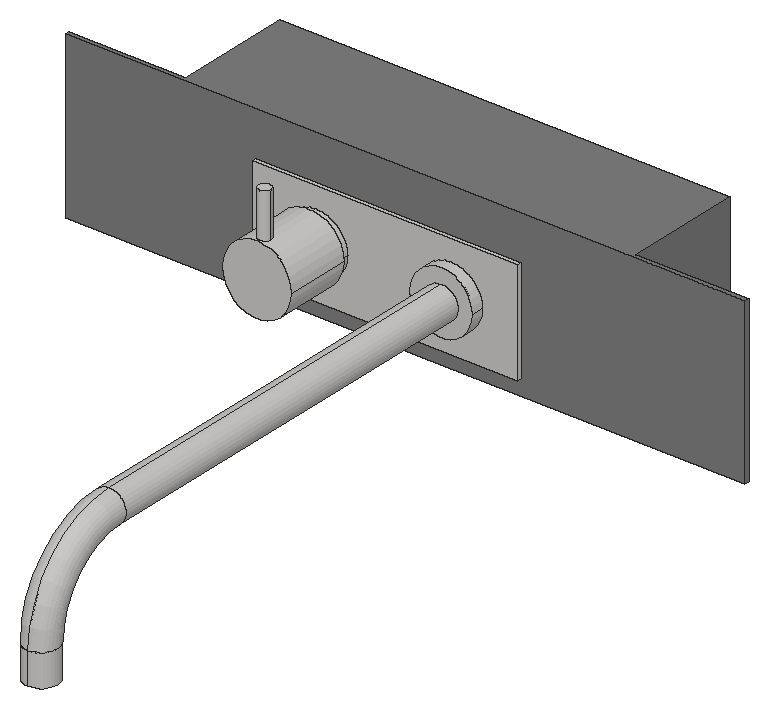
Revit family "122-300", category Plumbing Fixtures, Revit 2021
Family settings
  Round Connector Dimension = Use Diameter
  Part Type = Normal
  Work Plane-Based = No
  Always vertical = Yes
  Cut with Voids When Loaded = No
  Shared = No
  Room Calculation Point = No
Parameters
  e-mail = "info@vola.com"
  URL = "http://vola.com"
  Telephone = "+45 7023 5500"
  Quality management standard = "ISO 9001"
  Organisation no. / DUNS no. = "17531328"
  Occupational health and safety management standard = "ISO 18001"
  Mounting Instructions = "http://vola.com/service/producturl.ashx?name=122%2f300"
  Model = "122/300"
  Mixer Offset [instance] = 12.00 mm
  Mixer = yes
  Materials and components information = "http://vola.com/service/producturl.ashx?name=122%2f300"
  Manufacturer = "VOLA A/S"
  Maintenance Instructions = "http://vola.com/service/producturl.ashx?name=122%2f300"
  Guarantee = "2 years"
  Flow = "5,00 l/min"
  Environmental management standard = "ISO 14000"
  Default Elevation = 0.00 mm
  Connection - All relevant connections = "½\" for water connection"
  Approvals = "http://vola.com/service/producturl.ashx?name=122%2f300"
Reference planes
  plane 1 "Center (Front/Back)": y = 0
  plane 2: z = 0
  plane 3 "Center (Left/Right)": x = 0
  plane 4 "Mixer plane": y = 12
  plane 5 "Wall Surface": y = 0
Forms (mm)
  Extrusion 1, solid, material "Stainless Steel", visible <- "Mixer"
    sketch origin (16.5, 10, 0) x (0, 0, 1) y (-1, 0, 0)
      loop
        circle (0, 16.5) r 16.5
    from 0 to 10
  Extrusion 2, solid, material "Stainless Steel", visible <- "Mixer"
    sketch origin (-99, 10, 21) x (-1, 0, 0) y (0, 0, -1)
      loop
        circle (-21, 21) r 19.5
    from 0 to 10
Dimensions and locks
  "Mixer Offset": plane 4 "Mixer plane" to plane 1 "Center (Front/Back)"
  aligned and locked: plane 2 to level
  aligned and locked: nested 3 to nested 3
  aligned and locked: nested 1 to plane 4 "Mixer plane"
  aligned and locked: plane 1 "Center (Front/Back)" to Extrusion 1
  aligned and locked: plane 1 "Center (Front/Back)" to Extrusion 2
Automatic sketch dimensions
  Extrusion 2 sketch curve to Extrusion 2 sketch curve = 0.00 mm  (x2)
  Extrusion 2 sketch curve to nested 1 = 1.50 mm
  Extrusion 2 sketch curve to nested 1 = 21.00 mm
  Extrusion 2 sketch curve to Extrusion 2 sketch curve = 19.50 mm
  radius of Extrusion 1 sketch curve to nested 1 = 0.00 mm
Nested families
  nested 1: "100" at (-39, 82.5, -70), visible <- "Mixer", type "100"
  nested 2: "3002" at (-38.064, 0, 0) x (-1, 0, 0) z (0, -1, 0), type "3002"
  nested 3: "NR28" at (-78, -2, 0), type "NR28"
  nested 4: "020-300" at (0, -2, 0), type "020-300"
Connectors
  piping at (-51, 57.5, -70), diameter 28
    settings: on nested 1, index 1, connector inside diameter 1.10236", connector length 0.00 mm, flow factor 0, pipe flow 0 GPM, pressure drop 0.00 psi, fitting loss kfactor 0, connector angle 0.00°, fixture units 0, engagement length 0.00 mm, angle of deflection 0.00°, flow configuration 0, flow direction 1, fitting loss method 0, system type 20, joint type 0, gender type 0, connector reference index -1, connector utility 0, adjustable connector no, is connector primary yes, connector description ""
  piping at (-105, 57.5, -70), diameter 28
    settings: on nested 1, index 2, connector inside diameter 1.10236", connector length 0.00 mm, flow factor 0, pipe flow 0 GPM, pressure drop 0.00 psi, fitting loss kfactor 0, connector angle 0.00°, fixture units 0, engagement length 0.00 mm, angle of deflection 0.00°, flow configuration 0, flow direction 1, fitting loss method 0, system type 19, joint type 0, gender type 0, connector reference index -1, connector utility 0, adjustable connector no, is connector primary no, connector description ""
Definition of nested family "100"
  Parameters
    e-mail = "info@vola.com"
    URL = "http://vola.com"
    Telephone = "+45 7023 5500"
    Quality management standard = "ISO 9001"
    Organisation no. / DUNS no. = "17531328"
    Occupational health and safety management standard = "ISO 18001"
    Mounting Instructions = "http://vola.com/service/producturl.ashx?name=100"
    Model = "100"
    Materials and components information = "http://vola.com/service/producturl.ashx?name=100"
    Manufacturer = "VOLA A/S"
    Maintenance Instructions = "http://vola.com/service/producturl.ashx?name=100"
    Guarantee = "2 years"
    Flow = "18,00 l/min"
    Environmental management standard = "ISO 14000"
    Default Elevation = 0.00 mm
    Connection - All relevant connections = ""
    Approvals = "http://vola.com/service/producturl.ashx?name=100"
  Reference planes
    plane 1 "Center (Front/Back)": y = 0
    plane 2: z = 0
    plane 3 "Center (Left/Right)": x = 0
    plane 4 "Front Plane": y = -72.5
    plane 5 "Inlet Center Plane": y = -25
    plane 6: z = 70
  Forms (mm)
    Extrusion 1, solid
      sketch origin (0, 0, 1) x (1, 0, 0) y (0, 0, 1)
        loop
          circle (39, 69) r 16.5
      from 70.5 to 72.5
    Extrusion 2, solid
      sketch origin (1032.5, -2.5, 1) x (-1, 0, 0) y (0, 0, -1)
        loop
          line (1092.5, -90) -> (1092.5, -48) -> (1050.5, -48) -> (1050.5, -90) -> (1092.5, -90)
      from 68 to 70
    Extrusion 3, solid
      sketch origin (0, 0, 1) x (1, 0, 0) y (0, 1, 0)
        loop
          line (-127.5, 0) -> (-127.5, -68) -> (132.5, -68) -> (132.5, 0) -> (-127.5, 0)
      from 21.5 to 116.5
    Extrusion 4, solid
      sketch origin (0, 0, 22.5) x (0, 1, 0) y (1, 0, 0)
        loop
          circle (-25, -12) r 14
      from 0 to 22.5
    Extrusion 5, solid
      sketch origin (-54, 0, 22.5) x (0, 1, 0) y (1, 0, 0)
        loop
          circle (-25, -12) r 14
      from 0 to 22.5
    Extrusion 6, solid
      sketch origin (0, 0, 1) x (1, 0, 0) y (0, 1, 0)
        loop
          line (-195, -68) -> (-195, -70.5) -> (197.5, -70.5) -> (197.5, -68) -> (-195, -68)
      from 21.5 to 116.5
  Cuts and joins
    joined: Extrusion 3, Extrusion 6
  Lines and regions (mm)
    reference lines
      curve 1: line (-39, -25, 70) -> (-39, -122.5, 70)
      curve 2: line (39, -25, 70) -> (39, -122.5, 70)
      curve 3: line (-66, -25, 70) -> (-66, -25, -29)
      curve 4: line (-12, -25, 70) -> (-12, -25, -29)
  Dimensions and locks
    aligned and locked: plane 2 to level
    aligned and locked: plane 6 to curve 4
    aligned and locked: plane 6 to curve 3
    aligned and locked: Extrusion 3 to Extrusion 6
    aligned and locked: Extrusion 6 to Extrusion 3
Definition of nested family "3002"
  Parameters
    e-mail = "info@vola.com"
    URL = "http://vola.com"
    Telephone = "+45 7023 5500"
    Quality management standard = "ISO 9001"
    Organisation no. / DUNS no. = "17531328"
    Occupational health and safety management standard = "ISO 18001"
    Mounting Instructions = "http://vola.com/service/producturl.ashx?name=3002"
    Model = "3002"
    Materials and components information = "http://vola.com/service/producturl.ashx?name=3002"
    Manufacturer = "VOLA A/S"
    Maintenance Instructions = "http://vola.com/service/producturl.ashx?name=3002"
    Guarantee = "2 years"
    Environmental management standard = "ISO 14000"
    Default Elevation = 1219.20 mm
    Connection - All relevant connections = ""
    Approvals = "http://vola.com/service/producturl.ashx?name=3002"
  Reference planes
    plane 1 "Center (Front/Back)": y = 0
    plane 2: z = 0
    plane 3 "Center (Left/Right)": x = 0
  Forms (mm)
    Extrusion 1, solid
      sketch origin (0, 0, 0) x (1, 0, 0) y (0, 1, 0)
        loop
          line (-76.5, 30) -> (-76.5, -30) -> (76.5, -30) -> (76.5, 30) -> (-76.5, 30)
        loop
          circle (39.936, 0) r 16.5
        loop
          circle (-38.064, 0) r 18
      from 0 to 2
  Dimensions and locks
    aligned and locked: plane 2 to level
Definition of nested family "NR28"
  Parameters
    e-mail = "info@vola.com"
    URL = "http://vola.com"
    Telephone = "+45 7023 5500"
    Quality management standard = "ISO 9001"
    Organisation no. / DUNS no. = "17531328"
    Occupational health and safety management standard = "ISO 18001"
    Mounting Instructions = "http://vola.com/service/producturl.ashx?name=NR28"
    Model = "NR28"
    Materials and components information = "http://vola.com/service/producturl.ashx?name=NR28"
    Manufacturer = "VOLA A/S"
    Maintenance Instructions = "http://vola.com/service/producturl.ashx?name=NR28"
    Guarantee = "2 years"
    Environmental management standard = "ISO 14000"
    Default Elevation = 0.00 mm
    Connection - All relevant connections = ""
    Approvals = "http://vola.com/service/producturl.ashx?name=NR28"
  Reference planes
    plane 1 "Center (Front/Back)": y = 0
    plane 2: z = 0
    plane 3 "Center (Left/Right)": x = 0
  Forms (mm)
    Extrusion 1, solid
      sketch origin (0, 0, 0) x (1, 0, 0) y (0, 0, 1)
        loop
          circle (0, 0) r 20
      from 5 to 42.5
    Extrusion 2, solid
      sketch origin (0, -2.75, 0) x (0, -1, 0) y (1, 0, 0)
        loop
          circle (34.5, 0) r 3.5
      from 19 to 45.5
    Extrusion 3, solid
      sketch origin (0, 0, 0) x (1, 0, 0) y (0, 0, 1)
        loop
          circle (0, 0) r 18
      from 0 to 5
  Cuts and joins
    joined: Extrusion 1, Extrusion 2
  Lines and regions (mm)
    model lines
      curve 1: line (6.05, -42.5, 19.141) -> (6.05, -42.5, -19.141)
      curve 2: line (-6.05, -42.5, 19.141) -> (-6.05, -42.5, -19.141)
  Dimensions and locks
    aligned and locked: plane 2 to level
Definition of nested family "020-300"
  Parameters
    e-mail = "info@vola.com"
    URL = "http://vola.com"
    Telephone = "+45 7023 5500"
    Quality management standard = "ISO 9001"
    Organisation no. / DUNS no. = "17531328"
    Occupational health and safety management standard = "ISO 18001"
    Mounting Instructions = "http://vola.com/service/producturl.ashx?name=020%2f300"
    Model = "020/300"
    Materials and components information = "http://vola.com/service/producturl.ashx?name=020%2f300"
    Manufacturer = "VOLA A/S"
    Maintenance Instructions = "http://vola.com/service/producturl.ashx?name=020%2f300"
    Guarantee = "2 years"
    Environmental management standard = "ISO 14000"
    Default Elevation = 0.00 mm
    Connection - All relevant connections = ""
    Approvals = "http://vola.com/service/producturl.ashx?name=020%2f300"
  Reference planes
    plane 1 "Center (Front/Back)": y = 0
    plane 2: z = 0
    plane 3 "Center (Left/Right)": x = 0
  Forms (mm)
    Extrusion 1, solid
      sketch origin (0, 0, 0) x (1, 0, 0) y (0, 0, 1)
        loop
          circle (0, 0) r 18
      from 0 to 7
    Sweep 2, solid
      path origin (0, 0, 0) x (0, 1, 0) y (0, 0, 1)
        loop
          line (-7, 0) -> (-247, 0)
          arc (-247, 0) -> (-281.648, -14.352) -> (-296, -49) r 49
      profile origin (0, -281.648, -14.352) x (0, 0.707107, -0.707107) y (1, 0, 0)
        loop
          circle (0, 0) r 9.5
    Extrusion 3, solid
      sketch origin (0, -296, -49) x (0, -1, 0) y (-1, 0, 0)
        loop
          circle (0, 0) r 9.5
      from 0 to 18.5
  Dimensions and locks
    aligned and locked: plane 2 to level
